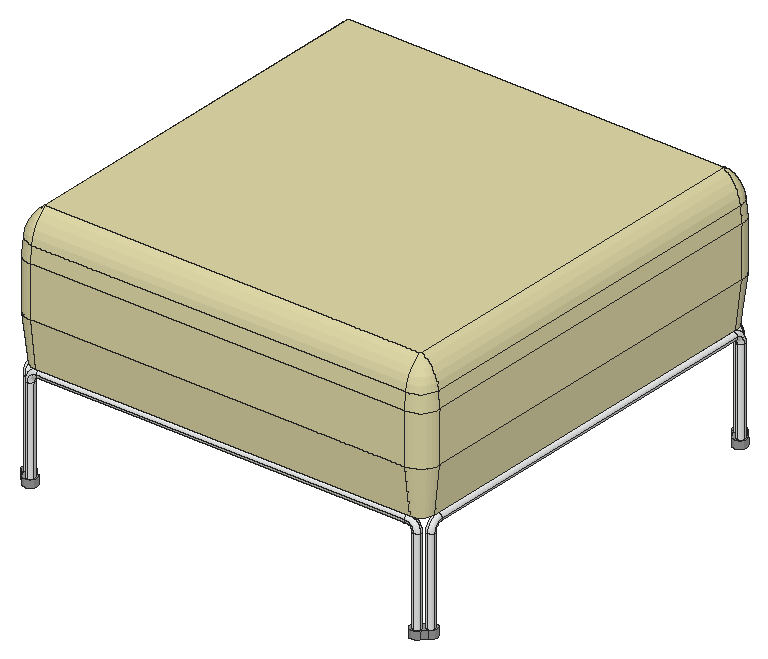
Revit family "FU_Modular_Sandler_Ari 1303-OD", category Furniture, Revit 2020
Family settings
  OmniClass Number = 23.40.20.00
  OmniClass Title = General Furniture and Specialties
  Work Plane-Based = No
  Always vertical = Yes
  Cut with Voids When Loaded = No
  Shared = No
  Room Calculation Point = No
Parameters (values of type "Ari 1303-OD")
  Width = 710 mm
  URL = "https://www.sandlerseating.com/product/ari-1303-od/"
  Seat [instance] = Fabric - Outdoor - FabThirty 30319-18
  Model = "Ari 1303-OD"
  Manufacturer = "Sandler"
  Height = 780 mm
  Frame [instance] = Metal - Paint - Outdoor - Traffic White
  Description = "Part of the Ari outdoor modular seating range. This upholstered piece has a steel frame and can be used as a backless sectional sofa seat or freestanding patio ottoman."
  Depth = 710 mm
  Default Elevation = 0 mm
Reference planes
  plane 1 "Center (Front/Back)": y = 0
  plane 2: z = 0
  plane 3 "Center (Left/Right)": x = 0
  plane 4 "Right": x = -355
  plane 5 "Left": x = 355
  plane 6 "Back": y = 355
  plane 7 "Front": y = -355
  plane 8 "Height": z = 780
  plane 9 "Seat height": z = 420
  plane 10 "Frame Right C TOP": x = -343
  plane 11 "Frame Front C TOP": y = -343
  plane 12 "Frame Left C TOP": x = 343
  plane 13 "Feet Right": z = 12
  plane 14 "Seat base RIGHT": z = 180
  plane 15 "Frame Back AC RIGHT": through (4267.2, 269.976, 182.022) normal (0, -0.9734, 0.2293)
  plane 16 "Frame Back C TOP": y = 343
Forms (mm)
  Sweep 1, solid, material "Metal - Paint - Outdoor - Traffic White" <- "Frame"
    path origin (-343, 0, 0) x (0, 1, 0) y (0, 0, 1)
      loop
        line (-330.138, 12) -> (-330.138, 158.009)
        arc (-330.138, 158.009) -> (-325.598, 168.969) -> (-314.638, 173.509) r 15.5
        line (-314.638, 173.509) -> (314.638, 173.509)
        arc (314.638, 173.509) -> (325.598, 168.969) -> (330.138, 158.009) r 15.5
        line (330.138, 158.009) -> (330.138, 12)
    profile "Pro_Circles : 13mm" origin (-343, -330.138, 85.004) x (0, -1, 0) y (1, 0, 0)
      loop
        arc (6.467, 0.067) -> (4.592, 4.592) -> (0.067, 6.467) r 6.4
        arc (0.067, 6.467) -> (-4.545, 4.64) -> (-6.467, 0.067) r 6.401
        arc (-6.467, 0.067) -> (-4.593, -4.594) -> (0.067, -6.467) r 6.402
        arc (0.067, -6.467) -> (4.64, -4.545) -> (6.467, 0.067) r 6.401
  Sweep 2, solid, material "Metal - Paint - Outdoor - Traffic White" <- "Frame"
    path origin (0, -343, 0) x (1, 0, 0) y (0, 0, 1)
      loop
        line (-329.339, 12) -> (-329.339, 158.849)
        arc (-329.339, 158.849) -> (-324.799, 169.809) -> (-313.839, 174.349) r 15.5
        line (-313.839, 174.349) -> (314.278, 174.349)
        arc (314.278, 174.349) -> (325.238, 169.809) -> (329.778, 158.849) r 15.5
        line (329.778, 158.849) -> (329.778, 12)
    profile "Pro_Circles : 13mm" origin (-329.339, -343, 85.425) x (-1, 0, 0) y (0, -1, 0)
      loop
        arc (-6.467, 0.067) -> (-4.64, -4.545) -> (-0.067, -6.467) r 6.401
        arc (-0.067, -6.467) -> (4.593, -4.594) -> (6.467, 0.067) r 6.402
        arc (6.467, 0.067) -> (4.545, 4.64) -> (-0.067, 6.467) r 6.401
        arc (-0.067, 6.467) -> (-4.592, 4.592) -> (-6.467, 0.067) r 6.4
  Extrusion 3, solid, material "Rubber, Black"
    sketch origin (0, 0, 0) x (1, 0, 0) y (0, 1, 0)
      loop
        arc (-333.052, -325.488) -> (-350.954, -322.632) -> (-347.011, -340.326) r 10.957
        arc (-347.011, -340.326) -> (-342.509, -342.765) -> (-339.599, -346.977) r 11
        arc (-339.599, -346.977) -> (-321.636, -350.853) -> (-325.167, -332.822) r 11
        arc (-325.167, -332.822) -> (-330.068, -330.186) -> (-333.052, -325.488) r 11
    from 0 to 12
  Extrusion 4, solid, material "Rubber, Black"
    sketch origin (0, 0, 0) x (-1, 0, 0) y (0, -1, 0)
      loop
        arc (-333.052, 325.488) -> (-330.068, 330.186) -> (-325.167, 332.822) r 11
        arc (-325.167, 332.822) -> (-321.636, 350.853) -> (-339.599, 346.977) r 11
        arc (-339.599, 346.977) -> (-342.509, 342.765) -> (-347.011, 340.326) r 11
        arc (-347.011, 340.326) -> (-350.954, 322.632) -> (-333.052, 325.488) r 10.957
    from 0 to 12
  Extrusion 5, solid, material "Rubber, Black"
    sketch origin (35.925, 49.845, 0) x (0.993563, 0.113279, 0) y (-0.113279, 0.993563, 0)
      loop
        arc (-334.234, 316.232) -> (-331.25, 320.93) -> (-326.349, 323.567) r 11
        arc (-326.349, 323.567) -> (-322.818, 341.597) -> (-340.781, 337.721) r 11
        arc (-340.781, 337.721) -> (-343.691, 333.509) -> (-348.193, 331.071) r 11
        arc (-348.193, 331.071) -> (-352.136, 313.377) -> (-334.234, 316.232) r 10.957
    from 0 to 12
  Extrusion 6, solid, material "Fabric - Outdoor - FabThirty 30319-18" <- "Seat"
    sketch origin (0, 0, 180) x (1, 0, 0) y (0, 1, 0)
      loop
        arc (-352.101, -321.5) -> (-342.289, -345.188) -> (-318.601, -355) r 33.5
        line (-318.601, -355) -> (318.566, -355)
        arc (318.566, -355) -> (342.254, -345.188) -> (352.066, -321.5) r 33.5
        line (352.066, -321.5) -> (352.066, 321.5)
        arc (352.066, 321.5) -> (342.254, 345.188) -> (318.566, 355) r 33.5
        line (318.566, 355) -> (-318.601, 355)
        arc (-318.601, 355) -> (-342.289, 345.188) -> (-352.101, 321.5) r 33.5
        line (-352.101, 321.5) -> (-352.101, -321.5)
    from 0 to 240
  Sweep 7, solid, material "Metal - Paint - Outdoor - Traffic White" <- "Frame"
    path origin (343, 0, 0) x (0, 1, 0) y (0, 0, -1)
      loop
        line (-330.138, -12) -> (-330.138, -157.942)
        arc (-330.138, -157.942) -> (-325.598, -168.903) -> (-314.638, -173.442) r 15.5
        line (-314.638, -173.442) -> (314.638, -173.442)
        arc (314.638, -173.442) -> (325.598, -168.903) -> (330.138, -157.942) r 15.5
        line (330.138, -157.942) -> (330.138, -12)
    profile "Pro_Circles : 13mm" origin (343, -330.138, 84.971) x (0, 1, 0) y (-1, 0, 0)
      loop
        arc (-6.467, 0.067) -> (-4.64, -4.545) -> (-0.067, -6.467) r 6.401
        arc (-0.067, -6.467) -> (4.593, -4.594) -> (6.467, 0.067) r 6.402
        arc (6.467, 0.067) -> (4.545, 4.64) -> (-0.067, 6.467) r 6.401
        arc (-0.067, 6.467) -> (-4.592, 4.592) -> (-6.467, 0.067) r 6.4
  Sweep 8, solid, material "Metal - Paint - Outdoor - Traffic White" <- "Frame"
    path origin (0, 343, 0) x (1, 0, 0) y (0, 0, -1)
      loop
        line (-329.339, -12) -> (-329.339, -158.783)
        arc (-329.339, -158.783) -> (-324.799, -169.743) -> (-313.839, -174.283) r 15.5
        line (-313.839, -174.283) -> (314.278, -174.283)
        arc (314.278, -174.283) -> (325.238, -169.743) -> (329.778, -158.783) r 15.5
        line (329.778, -158.783) -> (329.778, -12)
    profile "Pro_Circles : 13mm" origin (-329.339, 343, 85.391) x (1, 0, 0) y (0, 1, 0)
      loop
        arc (6.467, 0.067) -> (4.592, 4.592) -> (0.067, 6.467) r 6.4
        arc (0.067, 6.467) -> (-4.545, 4.64) -> (-6.467, 0.067) r 6.401
        arc (-6.467, 0.067) -> (-4.593, -4.594) -> (0.067, -6.467) r 6.402
        arc (0.067, -6.467) -> (4.64, -4.545) -> (6.467, 0.067) r 6.401
  Extrusion 9, solid, material "Rubber, Black"
    sketch origin (-35.925, 49.845, 0) x (-0.993563, 0.113279, 0) y (-0.113279, -0.993563, 0)
      loop
        arc (-334.234, -316.232) -> (-352.136, -313.377) -> (-348.193, -331.071) r 10.957
        arc (-348.193, -331.071) -> (-343.691, -333.509) -> (-340.781, -337.721) r 11
        arc (-340.781, -337.721) -> (-322.818, -341.597) -> (-326.349, -323.567) r 11
        arc (-326.349, -323.567) -> (-331.25, -320.93) -> (-334.234, -316.232) r 11
    from 0 to 12
  Sweep 10, void
    path in 3D
      loop
        arc (318.566, -355, 420) -> (342.254, -345.188, 420) -> (352.066, -321.5, 420) r 33.5
        line (352.066, -321.5, 420) -> (352.066, 321.5, 420)
        arc (352.066, 321.5, 420) -> (342.254, 345.188, 420) -> (318.566, 355, 420) r 33.5
        line (318.566, 355, 420) -> (-318.601, 355, 420)
        arc (-318.601, 355, 420) -> (-342.289, 345.188, 420) -> (-352.101, 321.5, 420) r 33.5
        line (-352.101, 321.5, 420) -> (-352.101, -321.5, 420)
        arc (-352.101, -321.5, 420) -> (-342.289, -345.188, 420) -> (-318.601, -355, 420) r 33.5
        line (-318.601, -355, 420) -> (318.566, -355, 420)
    profile origin (-0.017, -355, 420) x (0, 1, 0) y (0, 0, 1)
      loop
        arc (2.282, -47.718) -> (11.653, -20.3) -> (32.051, 0.278) r 64.696
        line (32.051, 0.278) -> (32.051, 22.692) -> (-19.62, 22.692) -> (-19.62, -262.427) -> (14.295, -262.427)
        arc (14.295, -262.427) -> (-0.284, -155.552) -> (2.282, -47.718) r 677.536
Cuts and joins
  Sweep 10 cuts Extrusion 6
Lines and regions (mm)
  sketch lines
    curve 1: line (-318.601, -355, 420) -> (318.566, -355, 420)
    curve 2: arc (352.066, -321.5, 420) -> (342.254, -345.188, 420) -> (318.566, -355, 420) r 33.5
    curve 3: line (352.066, -321.5, 420) -> (352.066, 321.5, 420)
    curve 4: arc (318.566, 355, 420) -> (342.254, 345.188, 420) -> (352.066, 321.5, 420) r 33.5
    curve 5: line (318.566, 355, 420) -> (-318.601, 355, 420)
    curve 6: arc (-352.101, 321.5, 420) -> (-342.289, 345.188, 420) -> (-318.601, 355, 420) r 33.5
    curve 7: line (-352.101, 321.5, 420) -> (-352.101, -321.5, 420)
    curve 8: arc (-318.601, -355, 420) -> (-342.289, -345.188, 420) -> (-352.101, -321.5, 420) r 33.5
Dimensions and locks
  equal spacing: plane 4 "Right", plane 3 "Center (Left/Right)", plane 5 "Left"
  "Width": plane 4 "Right" to plane 5 "Left"
  equal spacing: plane 6 "Back", plane 1 "Center (Front/Back)", plane 7 "Front"
  "Depth": plane 6 "Back" to plane 7 "Front"
  "Height": plane 8 "Height" to level
  plane 9 "Seat height" to level = 420 mm
  aligned and locked: level to plane 2
Automatic sketch dimensions
  plane 11 "Frame Front C TOP" to Extrusion 3 sketch curve = 0 mm
  Extrusion 3 sketch curve to plane 4 "Right" = 5.144 mm
  plane 10 "Frame Right C TOP" to Extrusion 3 sketch curve = 0.027 mm
  plane 10 "Frame Right C TOP" to Extrusion 3 sketch curve = 13.661 mm
  plane 10 "Frame Right C TOP" to Extrusion 3 sketch curve = 20.423 mm
  plane 7 "Front" to Extrusion 3 sketch curve = 4.048 mm
  Extrusion 3 sketch curve to plane 11 "Frame Front C TOP" = 12.86 mm
  Extrusion 3 sketch curve to plane 11 "Frame Front C TOP" = 20.869 mm
  Extrusion 3 sketch curve to plane 10 "Frame Right C TOP" = 4.011 mm
  plane 10 "Frame Right C TOP" to Extrusion 3 sketch curve = 3.401 mm
  Extrusion 3 sketch curve to Extrusion 3 sketch curve = 0.004 mm
  plane 10 "Frame Right C TOP" to Extrusion 3 sketch curve = 9.948 mm
  Extrusion 3 sketch curve to Extrusion 3 sketch curve = 7.885 mm
  plane 11 "Frame Front C TOP" to Extrusion 3 sketch curve = 3.975 mm
  plane 11 "Frame Front C TOP" to Extrusion 4 sketch curve = 0 mm
  Extrusion 4 sketch curve to plane 5 "Left" = 5.144 mm
  Extrusion 4 sketch curve to plane 12 "Frame Left C TOP" = 0.027 mm
  Extrusion 4 sketch curve to plane 12 "Frame Left C TOP" = 13.661 mm
  Extrusion 4 sketch curve to plane 12 "Frame Left C TOP" = 20.423 mm
  Extrusion 4 sketch curve to plane 7 "Front" = 4.048 mm
  plane 11 "Frame Front C TOP" to Extrusion 4 sketch curve = 12.86 mm
  plane 11 "Frame Front C TOP" to Extrusion 4 sketch curve = 20.869 mm
  plane 12 "Frame Left C TOP" to Extrusion 4 sketch curve = 4.011 mm
  Extrusion 4 sketch curve to plane 12 "Frame Left C TOP" = 3.401 mm
  Extrusion 4 sketch curve to Extrusion 4 sketch curve = 0.004 mm
  Extrusion 4 sketch curve to plane 12 "Frame Left C TOP" = 9.948 mm
  Extrusion 4 sketch curve to Extrusion 4 sketch curve = 7.885 mm
  Extrusion 4 sketch curve to plane 11 "Frame Front C TOP" = 3.975 mm
  plane 4 "Right" to Extrusion 5 sketch curve = 3.439 mm
  plane 6 "Back" to Extrusion 5 sketch curve = 5.423 mm
  Extrusion 5 sketch curve to Extrusion 5 sketch curve = 6.883 mm
  Extrusion 5 sketch curve to Extrusion 5 sketch curve = 13.634 mm
  Extrusion 5 sketch curve to Extrusion 5 sketch curve = 20.396 mm
  Extrusion 5 sketch curve to Extrusion 5 sketch curve = 7.952 mm
  Extrusion 5 sketch curve to Extrusion 5 sketch curve = 12.86 mm
  Extrusion 5 sketch curve to Extrusion 5 sketch curve = 8.009 mm
  Extrusion 5 sketch curve to Extrusion 5 sketch curve = 4.038 mm
  Extrusion 5 sketch curve to Extrusion 5 sketch curve = 7.411 mm
  Extrusion 5 sketch curve to Extrusion 5 sketch curve = 0.004 mm
  Extrusion 5 sketch curve to Extrusion 5 sketch curve = 9.921 mm
  Extrusion 5 sketch curve to Extrusion 5 sketch curve = 7.885 mm
  Extrusion 5 sketch curve to Extrusion 5 sketch curve = 3.975 mm
  plane 5 "Left" to Extrusion 9 sketch curve = 3.439 mm
  Extrusion 9 sketch curve to plane 6 "Back" = 5.423 mm
  Extrusion 9 sketch curve to Extrusion 9 sketch curve = 6.883 mm
  Extrusion 9 sketch curve to Extrusion 9 sketch curve = 13.634 mm
  Extrusion 9 sketch curve to Extrusion 9 sketch curve = 20.396 mm
  Extrusion 9 sketch curve to Extrusion 9 sketch curve = 7.952 mm
  Extrusion 9 sketch curve to Extrusion 9 sketch curve = 12.86 mm
  Extrusion 9 sketch curve to Extrusion 9 sketch curve = 8.009 mm
  Extrusion 9 sketch curve to Extrusion 9 sketch curve = 4.038 mm
  Extrusion 9 sketch curve to Extrusion 9 sketch curve = 7.411 mm
  Extrusion 9 sketch curve to Extrusion 9 sketch curve = 0.004 mm
  Extrusion 9 sketch curve to Extrusion 9 sketch curve = 9.921 mm
  Extrusion 9 sketch curve to Extrusion 9 sketch curve = 7.885 mm
  Extrusion 9 sketch curve to Extrusion 9 sketch curve = 3.975 mm
  Extrusion 6 sketch curve to plane 7 "Front" = 0 mm
  Extrusion 6 sketch curve to plane 6 "Back" = 0 mm
  Extrusion 6 sketch curve to plane 4 "Right" = 2.899 mm
  plane 10 "Frame Right C TOP" to Extrusion 6 sketch curve = 24.399 mm
  plane 12 "Frame Left C TOP" to Extrusion 6 sketch curve = 24.434 mm
  plane 5 "Left" to Extrusion 6 sketch curve = 2.934 mm
  Extrusion 6 sketch curve to plane 16 "Frame Back C TOP" = 21.5 mm  (x2)
  Sweep 10 sketch curve to profile plane = 14.295 mm
  Sweep 10 sketch curve to profile plane = 32.051 mm
  Sweep 10 sketch curve to Sweep 10 sketch curve = 34.581 mm
  Sweep 10 sketch curve to profile plane = 117.704 mm
  Sweep 10 sketch curve to Sweep 10 sketch curve = 609.562 mm
  Sweep 10 sketch curve to profile plane = 262.427 mm
  Sweep 10 sketch curve to profile plane = 54.401 mm
  profile plane to Sweep 10 sketch curve = 0.278 mm
  profile plane to Sweep 10 sketch curve = 22.692 mm
  profile plane to Sweep 10 sketch curve = 19.62 mm
  Sweep 7 sketch curve to plane 13 "Feet Right" = 0 mm  (x2)
  Sweep 7 sketch curve to plane 11 "Frame Front C TOP" = 12.862 mm
  Sweep 7 sketch curve to Sweep 7 sketch curve = 15.5 mm
  Sweep 7 sketch curve to plane 16 "Frame Back C TOP" = 28.362 mm
  Sweep 7 sketch curve to plane 16 "Frame Back C TOP" = 12.862 mm
  plane 14 "Seat base RIGHT" to Sweep 7 sketch curve = 22.058 mm
  Sweep 1 sketch curve to plane 13 "Feet Right" = 0 mm  (x2)
  Sweep 1 sketch curve to plane 11 "Frame Front C TOP" = 12.862 mm
  Sweep 1 sketch curve to Sweep 1 sketch curve = 15.5 mm
  Sweep 1 sketch curve to plane 16 "Frame Back C TOP" = 28.362 mm
  Sweep 1 sketch curve to plane 16 "Frame Back C TOP" = 12.862 mm
  plane 14 "Seat base RIGHT" to Sweep 1 sketch curve = 21.991 mm
  Sweep 2 sketch curve to plane 13 "Feet Right" = 0 mm  (x2)
  plane 10 "Frame Right C TOP" to Sweep 2 sketch curve = 13.661 mm
  plane 14 "Seat base RIGHT" to Sweep 2 sketch curve = 5.651 mm
  Sweep 2 sketch curve to Sweep 2 sketch curve = 15.5 mm
  plane 12 "Frame Left C TOP" to Sweep 2 sketch curve = 28.722 mm
  plane 12 "Frame Left C TOP" to Sweep 2 sketch curve = 13.222 mm
  Sweep 8 sketch curve to plane 13 "Feet Right" = 0 mm  (x2)
  plane 10 "Frame Right C TOP" to Sweep 8 sketch curve = 13.661 mm
  plane 14 "Seat base RIGHT" to Sweep 8 sketch curve = 5.717 mm
  Sweep 8 sketch curve to Sweep 8 sketch curve = 15.5 mm
  plane 12 "Frame Left C TOP" to Sweep 8 sketch curve = 28.722 mm
  plane 12 "Frame Left C TOP" to Sweep 8 sketch curve = 13.222 mm
